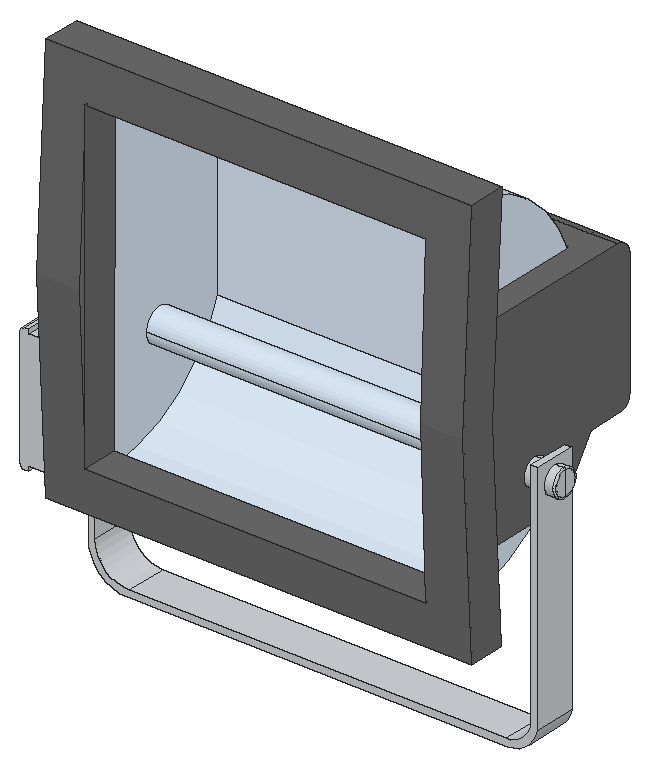
Revit family "Lighting-Proiezione-GEWISS-COLOSSEUM-PROIETTORI_OTTICA_CIRCOLARE", category Apparecchi per illuminazione, host Superficie, Revit 2019 (continued)
Definition of nested family "2D - COLOSSEUM - FRONTE"
  Lines and regions (mm)
    model lines, in view "Livello rif."
      curve 52: line (-192.974, 179.295, 0) -> (-192.942, 178.475, 0)
      curve 53: line (-192.942, 178.475, 0) -> (-192.847, 177.672, 0)
      curve 54: line (-192.847, 177.672, 0) -> (-192.691, 176.891, 0)
      curve 55: line (-192.691, 176.891, 0) -> (-192.477, 176.134, 0)
      curve 56: line (-192.477, 176.134, 0) -> (-192.207, 175.402, 0)
      curve 57: line (-192.207, 175.402, 0) -> (-191.884, 174.698, 0)
      curve 58: line (-191.884, 174.698, 0) -> (-191.511, 174.026, 0)
      curve 59: line (-191.511, 174.026, 0) -> (-191.09, 173.388, 0)
      curve 60: line (-191.09, 173.388, 0) -> (-190.623, 172.785, 0)
      curve 61: line (-190.623, 172.785, 0) -> (-190.113, 172.222, 0)
      curve 62: line (-190.113, 172.222, 0) -> (-189.563, 171.7, 0)
      curve 63: line (-189.563, 171.7, 0) -> (-188.974, 171.222, 0)
      curve 64: line (-188.974, 171.222, 0) -> (-188.351, 170.791, 0)
      curve 65: line (-188.351, 170.791, 0) -> (-187.694, 170.409, 0)
      curve 66: line (-187.694, 170.409, 0) -> (-187.007, 170.078, 0)
      curve 67: line (-187.007, 170.078, 0) -> (-186.292, 169.802, 0)
      curve 68: line (-186.292, 169.802, 0) -> (-185.552, 169.583, 0)
      curve 69: line (-185.552, 169.583, 0) -> (-184.788, 169.423, 0)
      curve 70: line (-184.788, 169.423, 0) -> (-184.005, 169.326, 0)
      curve 71: line (-184.005, 169.326, 0) -> (-183.203, 169.292, 0)
      curve 72: line (-183.203, 169.292, 0) -> (207.631, 169.292, 0)
      curve 73: line (207.631, 169.292, 0) -> (-183.203, 169.292, 0)
      curve 74: line (-276.247, 300.33, 0) -> (-276.408, 300.323, 0)
      curve 75: line (-278.176, 298.654, 0) -> (-278.195, 298.493, 0)
      curve 76: line (-278.195, 298.493, 0) -> (-278.201, 298.329, 0)
      curve 77: line (-278.201, 300.33, 0) -> (-278.201, 268.32, 0)
      curve 78: line (-278.201, 270.321, 0) -> (-278.195, 270.157, 0)
      curve 79: line (-278.195, 270.157, 0) -> (-278.176, 269.997, 0)
      curve 80: line (-276.408, 268.327, 0) -> (-276.247, 268.32, 0)
      curve 161: line (265.5, 306.831, 0) -> (265.5, 268.32, 0)
      curve 162: line (257.683, 316.834, 0) -> (257.683, 251.816, 0)
      curve 163: line (207.631, 169.292, 0) -> (208.433, 169.326, 0)
      curve 164: line (208.433, 169.326, 0) -> (209.216, 169.423, 0)
      curve 165: line (209.216, 169.423, 0) -> (209.979, 169.583, 0)
      curve 166: line (209.979, 169.583, 0) -> (210.72, 169.802, 0)
      curve 167: line (210.72, 169.802, 0) -> (211.435, 170.078, 0)
      curve 168: line (211.435, 170.078, 0) -> (212.122, 170.409, 0)
      curve 169: line (212.122, 170.409, 0) -> (212.778, 170.791, 0)
      curve 170: line (212.778, 170.791, 0) -> (213.402, 171.222, 0)
      curve 171: line (213.402, 171.222, 0) -> (213.99, 171.7, 0)
      curve 172: line (213.99, 171.7, 0) -> (214.54, 172.222, 0)
      curve 173: line (214.54, 172.222, 0) -> (215.05, 172.785, 0)
      curve 174: line (215.05, 172.785, 0) -> (215.517, 173.388, 0)
      curve 175: line (215.517, 173.388, 0) -> (215.938, 174.026, 0)
      curve 176: line (215.938, 174.026, 0) -> (216.312, 174.698, 0)
      curve 177: line (216.312, 174.698, 0) -> (216.634, 175.402, 0)
      curve 178: line (216.634, 175.402, 0) -> (216.904, 176.134, 0)
      curve 179: line (216.904, 176.134, 0) -> (217.118, 176.891, 0)
      curve 180: line (217.118, 176.891, 0) -> (217.274, 177.672, 0)
      curve 181: line (217.274, 177.672, 0) -> (217.37, 178.475, 0)
      curve 182: line (217.37, 178.475, 0) -> (217.402, 179.295, 0)
      curve 183: line (217.402, 179.295, 0) -> (217.402, 564.405, 0)
      curve 184: line (217.402, 564.405, 0) -> (217.37, 565.225, 0)
      curve 185: line (217.37, 565.225, 0) -> (217.274, 566.027, 0)
      curve 186: line (217.274, 566.027, 0) -> (217.118, 566.809, 0)
      curve 187: line (217.118, 566.809, 0) -> (216.904, 567.567, 0)
      curve 188: line (216.904, 567.567, 0) -> (216.634, 568.299, 0)
      curve 189: line (216.634, 568.299, 0) -> (216.312, 569.002, 0)
      curve 190: line (216.312, 569.002, 0) -> (215.938, 569.674, 0)
      curve 191: line (215.938, 569.674, 0) -> (215.517, 570.312, 0)
      curve 192: line (215.517, 570.312, 0) -> (215.05, 570.915, 0)
      curve 193: line (215.05, 570.915, 0) -> (214.54, 571.478, 0)
      curve 194: line (214.54, 571.478, 0) -> (213.99, 572, 0)
      curve 195: line (213.99, 572, 0) -> (213.402, 572.478, 0)
      curve 196: line (213.402, 572.478, 0) -> (212.778, 572.909, 0)
      curve 197: line (212.778, 572.909, 0) -> (212.122, 573.291, 0)
      curve 198: line (212.122, 573.291, 0) -> (211.435, 573.622, 0)
      curve 199: line (211.435, 573.622, 0) -> (210.72, 573.898, 0)
      curve 200: line (210.72, 573.898, 0) -> (209.979, 574.117, 0)
      curve 201: line (209.979, 574.117, 0) -> (209.216, 574.277, 0)
      curve 202: line (209.216, 574.277, 0) -> (208.433, 574.375, 0)
      curve 203: line (208.433, 574.375, 0) -> (207.631, 574.408, 0)
      curve 204: line (207.631, 574.408, 0) -> (-183.203, 574.408, 0)
      curve 205: line (-183.203, 574.408, 0) -> (-184.005, 574.375, 0)
      curve 206: line (-184.005, 574.375, 0) -> (-184.788, 574.277, 0)
      curve 207: line (-184.788, 574.277, 0) -> (-185.552, 574.117, 0)
      curve 208: line (-185.552, 574.117, 0) -> (-186.292, 573.898, 0)
      curve 209: line (-186.292, 573.898, 0) -> (-187.007, 573.622, 0)
      curve 210: line (-187.007, 573.622, 0) -> (-187.694, 573.291, 0)
      curve 211: line (-187.694, 573.291, 0) -> (-188.351, 572.909, 0)
      curve 212: line (-188.351, 572.909, 0) -> (-188.974, 572.478, 0)
      curve 213: line (-188.974, 572.478, 0) -> (-189.563, 572, 0)
      curve 214: line (-189.563, 572, 0) -> (-190.113, 571.478, 0)
      curve 215: line (-190.113, 571.478, 0) -> (-190.623, 570.915, 0)
      curve 216: line (-190.623, 570.915, 0) -> (-191.09, 570.312, 0)
      curve 217: line (-191.09, 570.312, 0) -> (-191.511, 569.674, 0)
      curve 218: line (-191.511, 569.674, 0) -> (-191.884, 569.002, 0)
      curve 219: line (-191.884, 569.002, 0) -> (-192.207, 568.299, 0)
      curve 220: line (-192.207, 568.299, 0) -> (-192.477, 567.567, 0)
      curve 221: line (-192.477, 567.567, 0) -> (-192.691, 566.809, 0)
      curve 222: line (-192.691, 566.809, 0) -> (-192.847, 566.027, 0)
      curve 223: line (-192.847, 566.027, 0) -> (-192.942, 565.225, 0)
      curve 224: line (-192.942, 565.225, 0) -> (-192.974, 564.418, 0)
      curve 225: line (278.175, 269.997, 0) -> (278.194, 270.157, 0)
      curve 226: line (278.194, 270.157, 0) -> (278.202, 270.321, 0)
      curve 227: line (278.202, 298.329, 0) -> (278.194, 298.493, 0)
      curve 228: line (278.194, 298.493, 0) -> (278.175, 298.654, 0)
      curve 229: line (276.407, 300.323, 0) -> (276.247, 300.329, 0)
      curve 310: line (-8.83, 394.839, 0) -> (11.849, 422.749, 0)
      curve 311: line (-20.057, 365.754, 0) -> (0.624, 393.664, 0)
      curve 312: line (-25.078, 386.318, 0) -> (-4.399, 414.228, 0)
      curve 313: line (8.6, 353.709, 0) -> (29.28, 381.619, 0)
      curve 314: line (25.735, 365.167, 0) -> (46.415, 393.076, 0)
    model lines, in view "Livello rif.", detail levels medium+fine
      curve 81: line (-238.898, 378.852, 0) -> (-238.337, 378.828, 0)
      curve 82: line (-238.337, 378.828, 0) -> (-237.789, 378.76, 0)
      curve 83: line (-237.789, 378.76, 0) -> (-237.254, 378.648, 0)
      curve 84: line (-237.254, 378.648, 0) -> (-236.736, 378.494, 0)
      curve 85: line (-236.736, 378.494, 0) -> (-236.236, 378.301, 0)
      curve 86: line (-236.236, 378.301, 0) -> (-235.755, 378.07, 0)
      curve 87: line (-235.755, 378.07, 0) -> (-235.295, 377.803, 0)
      curve 88: line (-235.295, 377.803, 0) -> (-234.858, 377.501, 0)
      curve 89: line (-234.858, 377.501, 0) -> (-234.447, 377.166, 0)
      curve 90: line (-234.447, 377.166, 0) -> (-234.061, 376.801, 0)
      curve 91: line (-234.061, 376.801, 0) -> (-233.705, 376.406, 0)
      curve 92: line (-233.705, 376.406, 0) -> (-233.378, 375.985, 0)
      curve 93: line (-233.378, 375.985, 0) -> (-233.083, 375.538, 0)
      curve 94: line (-233.083, 375.538, 0) -> (-232.822, 375.068, 0)
      curve 95: line (-232.822, 375.068, 0) -> (-232.596, 374.575, 0)
      curve 96: line (-232.596, 374.575, 0) -> (-232.407, 374.063, 0)
      curve 97: line (-232.407, 374.063, 0) -> (-232.257, 373.532, 0)
      curve 98: line (-232.257, 373.532, 0) -> (-232.148, 372.985, 0)
      curve 99: line (-232.148, 372.985, 0) -> (-232.081, 372.424, 0)
      curve 100: line (-232.081, 372.424, 0) -> (-232.058, 371.85, 0)
      curve 101: line (-232.058, 371.85, 0) -> (-232.081, 371.275, 0)
      curve 102: line (-232.081, 371.275, 0) -> (-232.148, 370.714, 0)
      curve 103: line (-232.148, 370.714, 0) -> (-232.257, 370.167, 0)
      curve 104: line (-232.257, 370.167, 0) -> (-232.407, 369.636, 0)
      curve 105: line (-232.407, 369.636, 0) -> (-232.596, 369.124, 0)
      curve 106: line (-232.596, 369.124, 0) -> (-232.822, 368.632, 0)
      curve 107: line (-232.822, 368.632, 0) -> (-233.083, 368.161, 0)
      curve 108: line (-233.083, 368.161, 0) -> (-233.378, 367.714, 0)
      curve 109: line (-233.378, 367.714, 0) -> (-233.705, 367.293, 0)
      curve 110: line (-233.705, 367.293, 0) -> (-234.061, 366.898, 0)
      curve 111: line (-234.061, 366.898, 0) -> (-234.447, 366.533, 0)
      curve 112: line (-234.447, 366.533, 0) -> (-234.858, 366.199, 0)
      curve 113: line (-234.858, 366.199, 0) -> (-235.295, 365.897, 0)
      curve 114: line (-235.295, 365.897, 0) -> (-235.755, 365.629, 0)
      curve 115: line (-235.755, 365.629, 0) -> (-236.236, 365.398, 0)
      curve 116: line (-236.236, 365.398, 0) -> (-236.736, 365.204, 0)
      curve 117: line (-236.736, 365.204, 0) -> (-237.254, 365.051, 0)
      curve 118: line (-237.254, 365.051, 0) -> (-237.789, 364.939, 0)
      curve 119: line (-237.789, 364.939, 0) -> (-238.337, 364.871, 0)
      curve 120: line (-238.337, 364.871, 0) -> (-238.898, 364.847, 0)
      curve 121: line (-238.898, 364.847, 0) -> (-239.459, 364.871, 0)
      curve 122: line (-239.459, 364.871, 0) -> (-240.007, 364.939, 0)
      curve 123: line (-240.007, 364.939, 0) -> (-240.542, 365.051, 0)
      curve 124: line (-240.542, 365.051, 0) -> (-241.06, 365.204, 0)
      curve 125: line (-241.06, 365.204, 0) -> (-241.56, 365.398, 0)
      curve 126: line (-241.56, 365.398, 0) -> (-242.041, 365.629, 0)
      curve 127: line (-242.041, 365.629, 0) -> (-242.501, 365.897, 0)
      curve 128: line (-242.501, 365.897, 0) -> (-242.937, 366.199, 0)
      curve 129: line (-242.937, 366.199, 0) -> (-243.349, 366.533, 0)
      curve 130: line (-243.349, 366.533, 0) -> (-243.734, 366.898, 0)
      curve 131: line (-243.734, 366.898, 0) -> (-244.091, 367.293, 0)
      curve 132: line (-244.091, 367.293, 0) -> (-244.418, 367.714, 0)
      curve 133: line (-244.418, 367.714, 0) -> (-244.712, 368.161, 0)
      curve 134: line (-244.712, 368.161, 0) -> (-244.974, 368.632, 0)
      curve 135: line (-244.974, 368.632, 0) -> (-245.2, 369.124, 0)
      curve 136: line (-245.2, 369.124, 0) -> (-245.388, 369.636, 0)
      curve 137: line (-245.388, 369.636, 0) -> (-245.538, 370.167, 0)
      curve 138: line (-245.538, 370.167, 0) -> (-245.648, 370.714, 0)
      curve 139: line (-245.648, 370.714, 0) -> (-245.715, 371.275, 0)
      curve 140: line (-245.715, 371.275, 0) -> (-245.737, 371.85, 0)
      curve 141: line (-245.737, 371.85, 0) -> (-245.715, 372.424, 0)
      curve 142: line (-245.715, 372.424, 0) -> (-245.648, 372.985, 0)
      curve 143: line (-245.648, 372.985, 0) -> (-245.538, 373.532, 0)
      curve 144: line (-245.538, 373.532, 0) -> (-245.388, 374.063, 0)
      curve 145: line (-245.388, 374.063, 0) -> (-245.2, 374.575, 0)
      curve 146: line (-245.2, 374.575, 0) -> (-244.974, 375.068, 0)
      curve 147: line (-244.974, 375.068, 0) -> (-244.712, 375.538, 0)
      curve 148: line (-244.712, 375.538, 0) -> (-244.418, 375.985, 0)
      curve 149: line (-244.418, 375.985, 0) -> (-244.091, 376.406, 0)
      curve 150: line (-244.091, 376.406, 0) -> (-243.734, 376.801, 0)
      curve 151: line (-243.734, 376.801, 0) -> (-243.349, 377.166, 0)
      curve 152: line (-243.349, 377.166, 0) -> (-242.937, 377.501, 0)
      curve 153: line (-242.937, 377.501, 0) -> (-242.501, 377.803, 0)
      curve 154: line (-242.501, 377.803, 0) -> (-242.041, 378.07, 0)
      curve 155: line (-242.041, 378.07, 0) -> (-241.56, 378.301, 0)
      curve 156: line (-241.56, 378.301, 0) -> (-241.06, 378.494, 0)
      curve 157: line (-241.06, 378.494, 0) -> (-240.542, 378.648, 0)
      curve 158: line (-240.542, 378.648, 0) -> (-240.007, 378.76, 0)
      curve 159: line (-240.007, 378.76, 0) -> (-239.459, 378.828, 0)
      curve 160: line (-239.459, 378.828, 0) -> (-238.898, 378.852, 0)
      curve 230: line (245.738, 371.85, 0) -> (245.715, 371.275, 0)
      curve 231: line (245.715, 371.275, 0) -> (245.648, 370.714, 0)
      curve 232: line (245.648, 370.714, 0) -> (245.539, 370.167, 0)
      curve 233: line (245.539, 370.167, 0) -> (245.389, 369.636, 0)
      curve 234: line (245.389, 369.636, 0) -> (245.2, 369.124, 0)
      curve 235: line (245.2, 369.124, 0) -> (244.974, 368.632, 0)
      curve 236: line (244.974, 368.632, 0) -> (244.713, 368.161, 0)
      curve 237: line (244.713, 368.161, 0) -> (244.418, 367.714, 0)
      curve 238: line (244.418, 367.714, 0) -> (244.091, 367.293, 0)
      curve 239: line (244.091, 367.293, 0) -> (243.734, 366.898, 0)
      curve 240: line (243.734, 366.898, 0) -> (243.349, 366.533, 0)
      curve 241: line (243.349, 366.533, 0) -> (242.937, 366.199, 0)
      curve 242: line (242.937, 366.199, 0) -> (242.501, 365.897, 0)
      curve 243: line (242.501, 365.897, 0) -> (242.041, 365.629, 0)
      curve 244: line (242.041, 365.629, 0) -> (241.561, 365.398, 0)
      curve 245: line (241.561, 365.398, 0) -> (241.06, 365.204, 0)
      curve 246: line (241.06, 365.204, 0) -> (240.542, 365.051, 0)
      curve 247: line (240.542, 365.051, 0) -> (240.008, 364.939, 0)
      curve 248: line (240.008, 364.939, 0) -> (239.459, 364.871, 0)
      curve 249: line (239.459, 364.871, 0) -> (238.898, 364.847, 0)
      curve 250: line (238.898, 364.847, 0) -> (238.337, 364.871, 0)
      curve 251: line (238.337, 364.871, 0) -> (237.789, 364.939, 0)
      curve 252: line (237.789, 364.939, 0) -> (237.255, 365.051, 0)
      curve 253: line (237.255, 365.051, 0) -> (236.736, 365.204, 0)
      curve 254: line (236.736, 365.204, 0) -> (236.236, 365.398, 0)
      curve 255: line (236.236, 365.398, 0) -> (235.755, 365.629, 0)
      curve 256: line (235.755, 365.629, 0) -> (235.295, 365.897, 0)
      curve 257: line (235.295, 365.897, 0) -> (234.859, 366.199, 0)
      curve 258: line (234.859, 366.199, 0) -> (234.447, 366.533, 0)
      curve 259: line (234.447, 366.533, 0) -> (234.062, 366.898, 0)
      curve 260: line (234.062, 366.898, 0) -> (233.705, 367.293, 0)
      curve 261: line (233.705, 367.293, 0) -> (233.378, 367.714, 0)
      curve 262: line (233.378, 367.714, 0) -> (233.083, 368.161, 0)
      curve 263: line (233.083, 368.161, 0) -> (232.822, 368.632, 0)
      curve 264: line (232.822, 368.632, 0) -> (232.596, 369.124, 0)
      curve 265: line (232.596, 369.124, 0) -> (232.407, 369.636, 0)
      curve 266: line (232.407, 369.636, 0) -> (232.257, 370.167, 0)
      curve 267: line (232.257, 370.167, 0) -> (232.148, 370.714, 0)
      curve 268: line (232.148, 370.714, 0) -> (232.081, 371.275, 0)
      curve 269: line (232.081, 371.275, 0) -> (232.059, 371.85, 0)
      curve 270: line (232.059, 371.85, 0) -> (232.081, 372.424, 0)
      curve 271: line (232.081, 372.424, 0) -> (232.148, 372.985, 0)
      curve 272: line (232.148, 372.985, 0) -> (232.257, 373.532, 0)
      curve 273: line (232.257, 373.532, 0) -> (232.407, 374.063, 0)
      curve 274: line (232.407, 374.063, 0) -> (232.596, 374.575, 0)
      curve 275: line (232.596, 374.575, 0) -> (232.822, 375.068, 0)
      curve 276: line (232.822, 375.068, 0) -> (233.083, 375.538, 0)
      curve 277: line (233.083, 375.538, 0) -> (233.378, 375.985, 0)
      curve 278: line (233.378, 375.985, 0) -> (233.705, 376.406, 0)
      curve 279: line (233.705, 376.406, 0) -> (234.062, 376.801, 0)
      curve 280: line (234.062, 376.801, 0) -> (234.447, 377.166, 0)
      curve 281: line (234.447, 377.166, 0) -> (234.859, 377.501, 0)
      curve 282: line (234.859, 377.501, 0) -> (235.295, 377.803, 0)
      curve 283: line (235.295, 377.803, 0) -> (235.755, 378.07, 0)
      curve 284: line (235.755, 378.07, 0) -> (236.236, 378.301, 0)
      curve 285: line (236.236, 378.301, 0) -> (236.736, 378.494, 0)
      curve 286: line (236.736, 378.494, 0) -> (237.255, 378.648, 0)
      curve 287: line (237.255, 378.648, 0) -> (237.789, 378.76, 0)
      curve 288: line (237.789, 378.76, 0) -> (238.337, 378.828, 0)
      curve 289: line (238.337, 378.828, 0) -> (238.898, 378.852, 0)
      curve 290: line (238.898, 378.852, 0) -> (239.459, 378.828, 0)
      curve 291: line (239.459, 378.828, 0) -> (240.008, 378.76, 0)
      curve 292: line (240.008, 378.76, 0) -> (240.542, 378.648, 0)
      curve 293: line (240.542, 378.648, 0) -> (241.06, 378.494, 0)
      curve 294: line (241.06, 378.494, 0) -> (241.561, 378.301, 0)
      curve 295: line (241.561, 378.301, 0) -> (242.041, 378.07, 0)
      curve 296: line (242.041, 378.07, 0) -> (242.501, 377.803, 0)
      curve 297: line (242.501, 377.803, 0) -> (242.937, 377.501, 0)
      curve 298: line (242.937, 377.501, 0) -> (243.349, 377.166, 0)
      curve 299: line (243.349, 377.166, 0) -> (243.734, 376.801, 0)
      curve 300: line (243.734, 376.801, 0) -> (244.091, 376.406, 0)
      curve 301: line (244.091, 376.406, 0) -> (244.418, 375.985, 0)
      curve 302: line (244.418, 375.985, 0) -> (244.713, 375.538, 0)
      curve 303: line (244.713, 375.538, 0) -> (244.974, 375.068, 0)
      curve 304: line (244.974, 375.068, 0) -> (245.2, 374.575, 0)
      curve 305: line (245.2, 374.575, 0) -> (245.389, 374.063, 0)
      curve 306: line (245.389, 374.063, 0) -> (245.539, 373.532, 0)
      curve 307: line (245.539, 373.532, 0) -> (245.648, 372.985, 0)
      curve 308: line (245.648, 372.985, 0) -> (245.715, 372.424, 0)
      curve 309: line (245.715, 372.424, 0) -> (245.738, 371.85, 0)
    detail lines, in view "Livello rif."
      curve 315: line (-265.5, 300.33, 0) -> (-265.5, 268.32, 0)
      curve 316: line (-257.682, 306.831, 0) -> (-257.682, 251.831, 0)
Definition of nested family "ETICHETTA LIGHT"
  Parameters (values of type "ETICHETTA LIGHT")
    COMMENTI = ""
  Reference planes
    plane 1: y = 0
    plane 2: x = 0
  Text (mm)
    label "COMMENTI" at (-0.057, 0.105, 0), shows "COMMENTI"
Types (6, lengths in mm): name | Scheda Tecnica | Potenza lampada | Modello | IDT | Fascio | Descrizione | Corrente lampada: | Corrente lampada | Codice EAN | Carico apparente
  GW84656 - COLOSSEUM CIR. FASCIO CONC. 1000W MN | "https://www.gewiss.com/it/it/search?q=GW84656" | "1000W" | "GW84656" | "75a34b3b-cf91-471a-868f-929899d0a9db" | "Concentrante - 8°" | "COLOSSEUM OTTICA CIRCOLARE FASCIO CONCENTRANTE 1000W MN" | "9,6A" | "9,6" | "8011564065734" | 1000 VA
  GW84657 - COLOSSEUM CIR. FASCIO CONC. 2000W MN | "https://www.gewiss.com/it/it/search?q=GW84657" | "2000W" | "GW84657" | "d83d6f94-218a-4707-b289-70659b4dd8e9" | "Concentrante - 8°" | "COLOSSEUM OTTICA CIRCOLARE FASCIO CONCENTRANTE 2000W MN" | "11,3A" | "11,3A" | "8011564065765" | 2000 VA
  GW84754 - COLOSSEUM CIR. FASCIO MEDIO 1000W MN | "https://www.gewiss.com/it/it/search?q=GW84754" | "1000W" | "GW84754" | "bca5a7bb-d427-476c-957f-479b7af55dd3" | "Medio - 10°" | "COLOSSEUM OTTICA CIRCOLARE FASCIO MEDIO 1000W MN" | "9,6A" | "9,6" | "8011564099999" | 1000 VA
  GW84755 - COLOSSEUM CIR. FASCIO MEDIO 2000W MN | "https://www.gewiss.com/it/it/search?q=GW84755" | "2000W" | "GW84755" | "36e0c751-5da2-4f5b-b782-3005ce20383a" | "Medio - 10°" | "COLOSSEUM OTTICA CIRCOLARE FASCIO MEDIO 2000W MN" | "11,3A" | "11,3A" | "8011564100008" | 2000 VA
  GW84756 - COLOSSEUM CIR. FASCIO DIFF. 1000W MN | "https://www.gewiss.com/it/it/search?q=GW84756" | "1000W" | "GW84756" | "1df91aae-9ea2-41d2-b18d-cd5a46f89f75" | "Diffondente - 20°" | "COLOSSEUM OTTICA CIRCOLARE FASCIO DIFFONDENTE 1000W MN" | "9,6A" | "9,6" | "8011564100015" | 1000 VA
  GW84757 - COLOSSEUM CIR. FASCIO DIFF. 2000W MN | "https://www.gewiss.com/it/it/search?q=GW84757" | "2000W" | "GW84757" | "4ee77757-f5d4-4a3d-af1e-1d570169b690" | "Diffondente - 20°" | "COLOSSEUM OTTICA CIRCOLARE FASCIO DIFFONDENTE 2000W MN" | "11,3A" | "11,3A" | "8011564100022" | 2000 VA
